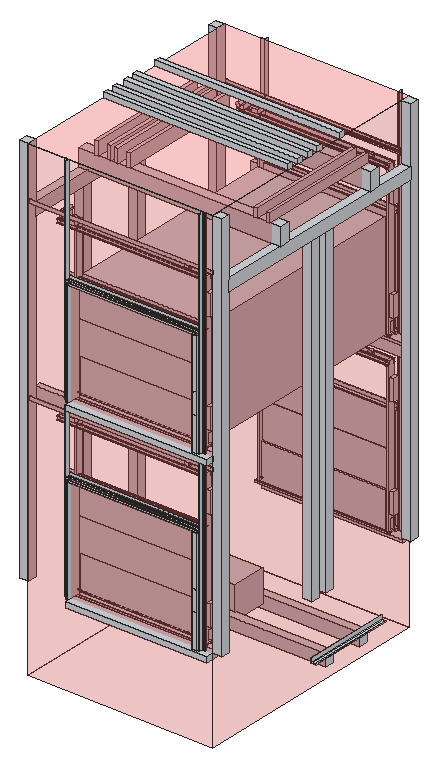
Revit family "SF6000-3U-2方向", category 一般モデル, Revit 2018
Family settings
  鉄筋をホスト可能 = いいえ
  丸型コネクタ寸法 = 直径を使用
  パーツ タイプ = 標準
  作業面ベース = いいえ
  常に垂直 = はい
  ロード時にボイドで切り取り = いいえ
  共有 = いいえ
  部屋計算ポイント = いいえ
Parameters
  昇降行程 = 5000 mm
Reference planes
  plane 1 "レール芯": y = 0
  plane 2 "最下階FL": z = 0
  plane 3 "かご芯": x = 0
  plane 4: z = 5000
  plane 5 "ピット底面": z = -2400
  plane 6: z = 11100
  plane 7: z = 3000
Forms (mm)
  Extrusion 1, solid
    sketch origin (-115, 130, 0) x (1, 0, 0) y (0, 1, 0)
      loop
        line (-2850, 3255) -> (-2850, -3710) -> (2370, -3710) -> (2370, 3255) -> (-2850, 3255)
    from -2400 to 11100
  Extrusion 2, solid
    sketch origin (-188.849, -192.656, 5000) x (1, 0, 0) y (0, 1, 0)
      loop
        line (-1606.151, 3287.656) -> (-1606.151, -2902.344) -> (1983.849, -2902.344) -> (1983.849, 3287.656) -> (-1606.151, 3287.656)
    from 0 to 3000
  Extrusion 3, solid
    sketch origin (-1419.116, 474.003, -69) x (1, 0, 0) y (0, 1, 0)
      loop
        line (-1125.884, 1163.497) -> (-1125.884, 188.497) -> (921.616, 188.497) -> (921.616, 1163.497) -> (-1125.884, 1163.497)
    from -1931 to -1020
  Extrusion 4, solid
    sketch origin (-80.164, -13.256, 0) x (1, 0, 0) y (0, 1, 0)
      loop
        line (2335.164, 388.256) -> (2335.164, 138.256) -> (2585.164, 138.256) -> (2585.164, 388.256) -> (2335.164, 388.256)
    from 0 to 9160
  Extrusion 5, solid
    sketch origin (-55.164, -413.256, 0) x (1, 0, 0) y (0, 1, 0)
      loop
        line (2310.164, 288.256) -> (2310.164, 38.256) -> (2560.164, 38.256) -> (2560.164, 288.256) -> (2310.164, 288.256)
    from 0 to 9160
  Extrusion 6, solid
    sketch origin (148.997, -46.31, 0) x (1, 0, 0) y (0, 1, 0)
      loop
        line (-3363.997, 581.31) -> (-3363.997, 331.31) -> (-3113.997, 331.31) -> (-3113.997, 581.31) -> (-3363.997, 581.31)
    from 0 to 9160
  Extrusion 7, solid
    sketch origin (-181.003, -1846.31, 0) x (1, 0, 0) y (0, 1, 0)
      loop
        line (-3033.997, 481.31) -> (-3033.997, 231.31) -> (-2783.997, 231.31) -> (-2783.997, 481.31) -> (-3033.997, 481.31)
    from 0 to 9160
  Extrusion 8, solid
    sketch origin (0, -154.792, -183.066) x (0, 1, 0) y (0, 0, 1)
      loop
        line (279.792, 11433.066) -> (279.792, 11283.066) -> (429.792, 11283.066) -> (429.792, 11433.066) -> (279.792, 11433.066)
    from -2965 to 2255
  Extrusion 9, solid
    sketch origin (0, -494.792, -183.066) x (0, 1, 0) y (0, 0, 1)
      loop
        line (279.792, 11433.066) -> (279.792, 11283.066) -> (429.792, 11283.066) -> (429.792, 11433.066) -> (279.792, 11433.066)
    from -2965 to 2255
  Extrusion 10, solid
    sketch origin (0, -859.792, -183.066) x (0, 1, 0) y (0, 0, 1)
      loop
        line (279.792, 11433.066) -> (279.792, 11283.066) -> (429.792, 11283.066) -> (429.792, 11433.066) -> (279.792, 11433.066)
    from -2965 to 2255
  Extrusion 11, solid
    sketch origin (0, 635.208, -183.066) x (0, 1, 0) y (0, 0, 1)
      loop
        line (279.792, 11433.066) -> (279.792, 11283.066) -> (429.792, 11283.066) -> (429.792, 11433.066) -> (279.792, 11433.066)
    from -2965 to 2255
  Extrusion 12, solid
    sketch origin (0, -2477.235, 116.596) x (0, 1, 0) y (0, 0, 1)
      loop
        line (-827.765, 4733.404) -> (-827.765, 4433.404) -> (-677.765, 4433.404) -> (-677.765, 4733.404) -> (-827.765, 4733.404)
    from -2965 to 2255
  Extrusion 13, solid
    sketch origin (122.648, -2563.415, 0) x (-1, 0, 0) y (0, -1, 0)
      loop
        line (-1827.352, 1006.585) -> (-1827.352, 1106.585) -> (-1830.352, 1106.585)
        arc (-1830.352, 1106.585) -> (-1835.302, 1104.535) -> (-1837.352, 1099.585) r 7
        line (-1837.352, 1099.585) -> (-1837.352, 1026.585)
        arc (-1837.352, 1026.585) -> (-1840.281, 1019.514) -> (-1847.352, 1016.585) r 10
        line (-1847.352, 1016.585) -> (-1920.352, 1016.585)
        arc (-1920.352, 1016.585) -> (-1925.302, 1014.535) -> (-1927.352, 1009.585) r 7
        line (-1927.352, 1009.585) -> (-1927.352, 1006.585) -> (-1827.352, 1006.585)
    from 0 to 4850
  Extrusion 14, solid
    sketch origin (77.352, -2563.415, 0) x (1, 0, 0) y (0, 1, 0)
      loop
        line (-2000.352, -1016.585) -> (-1927.352, -1016.585)
        arc (-1927.352, -1016.585) -> (-1920.281, -1019.514) -> (-1917.352, -1026.585) r 10
        line (-1917.352, -1026.585) -> (-1917.352, -1099.585)
        arc (-1917.352, -1099.585) -> (-1915.302, -1104.535) -> (-1910.352, -1106.585) r 7
        line (-1910.352, -1106.585) -> (-1907.352, -1106.585) -> (-1907.352, -1006.585) -> (-2007.352, -1006.585) -> (-2007.352, -1009.585)
        arc (-2007.352, -1009.585) -> (-2005.302, -1014.535) -> (-2000.352, -1016.585) r 7
    from 0 to 4850
  Extrusion 15, solid
    sketch origin (322.648, -2563.415, 5000) x (-1, 0, 0) y (0, -1, 0)
      loop
        line (-1627.352, 1006.585) -> (-1627.352, 1106.585) -> (-1630.352, 1106.585)
        arc (-1630.352, 1106.585) -> (-1635.302, 1104.535) -> (-1637.352, 1099.585) r 7
        line (-1637.352, 1099.585) -> (-1637.352, 1026.585)
        arc (-1637.352, 1026.585) -> (-1640.281, 1019.514) -> (-1647.352, 1016.585) r 10
        line (-1647.352, 1016.585) -> (-1720.352, 1016.585)
        arc (-1720.352, 1016.585) -> (-1725.302, 1014.535) -> (-1727.352, 1009.585) r 7
        line (-1727.352, 1009.585) -> (-1727.352, 1006.585) -> (-1627.352, 1006.585)
    from 0 to 6100
  Extrusion 16, solid
    sketch origin (77.352, -2563.415, 5000) x (1, 0, 0) y (0, 1, 0)
      loop
        line (-2007.352, -1006.585) -> (-2007.352, -1009.585)
        arc (-2007.352, -1009.585) -> (-2005.302, -1014.535) -> (-2000.352, -1016.585) r 7
        line (-2000.352, -1016.585) -> (-1927.352, -1016.585)
        arc (-1927.352, -1016.585) -> (-1920.281, -1019.514) -> (-1917.352, -1026.585) r 10
        line (-1917.352, -1026.585) -> (-1917.352, -1099.585)
        arc (-1917.352, -1099.585) -> (-1915.302, -1104.535) -> (-1910.352, -1106.585) r 7
        line (-1910.352, -1106.585) -> (-1907.352, -1106.585) -> (-1907.352, -1006.585) -> (-2007.352, -1006.585)
    from 0 to 6100
  Extrusion 17, solid
    sketch origin (90, -5742.272, 1335.614) x (0, 0, -1) y (0, 1, 0)
      loop
        arc (-1844.386, 2169.272) -> (-1842.335, 2164.322) -> (-1837.386, 2162.272) r 7
        line (-1837.386, 2162.272) -> (-1764.386, 2162.272)
        arc (-1764.386, 2162.272) -> (-1757.315, 2159.343) -> (-1754.386, 2152.272) r 10
        line (-1754.386, 2152.272) -> (-1754.386, 2079.272)
        arc (-1754.386, 2079.272) -> (-1752.335, 2074.322) -> (-1747.386, 2072.272) r 7
        line (-1747.386, 2072.272) -> (-1744.386, 2072.272) -> (-1744.386, 2172.272) -> (-1844.386, 2172.272) -> (-1844.386, 2169.272)
    from -1920 to 1860
  Extrusion 18, solid
    sketch origin (-181.003, 2778.69, 0) x (1, 0, 0) y (0, 1, 0)
      loop
        line (-3033.997, 581.31) -> (-3033.997, 331.31) -> (-2783.997, 331.31) -> (-2783.997, 581.31) -> (-3033.997, 581.31)
    from 0 to 11100
  Extrusion 19, solid
    sketch origin (494.836, 2971.744, 0) x (1, 0, 0) y (0, 1, 0)
      loop
        line (1760.164, 388.256) -> (1760.164, 138.256) -> (2010.164, 138.256) -> (2010.164, 388.256) -> (1760.164, 388.256)
    from 0 to 11100
  Extrusion 20, solid
    sketch origin (-181.003, -3786.31, 0) x (1, 0, 0) y (0, 1, 0)
      loop
        line (-3033.997, 481.31) -> (-3033.997, 231.31) -> (-2783.997, 231.31) -> (-2783.997, 481.31) -> (-3033.997, 481.31)
    from 0 to 11100
  Extrusion 21, solid
    sketch origin (494.836, -3593.256, 0) x (1, 0, 0) y (0, 1, 0)
      loop
        line (1760.164, 288.256) -> (1760.164, 38.256) -> (2010.164, 38.256) -> (2010.164, 288.256) -> (1760.164, 288.256)
    from 0 to 11100
  Extrusion 22, solid
    sketch origin (150, 2391.904, 119.994) x (0, 1, 0) y (0, 0, 1)
      loop
        line (-766.904, -1879.994) -> (-766.904, -2219.994) -> (-516.904, -2219.994) -> (-516.904, -1879.994) -> (-766.904, -1879.994)
    from -3265 to 2105
  Extrusion 23, solid
    sketch origin (150, 1191.904, 119.994) x (0, 1, 0) y (0, 0, 1)
      loop
        line (-766.904, -1879.994) -> (-766.904, -2219.994) -> (-516.904, -2219.994) -> (-516.904, -1879.994) -> (-766.904, -1879.994)
    from -3265 to 2105
  Extrusion 24, solid
    sketch origin (0, -1199.792, -183.066) x (0, 1, 0) y (0, 0, 1)
      loop
        line (279.792, 11433.066) -> (279.792, 11283.066) -> (429.792, 11283.066) -> (429.792, 11433.066) -> (279.792, 11433.066)
    from -2965 to 2255
  Extrusion 25, solid
    sketch origin (0, 946.791, -236.921) x (0, 1, 0) y (0, 0, 1)
      loop
        line (748.209, 10224.921) -> (748.209, 9736.921) -> (1048.209, 9736.921) -> (1048.209, 10224.921) -> (748.209, 10224.921)
    from -3215 to 2505
  Extrusion 26, solid
    sketch origin (0, -2278.209, -236.921) x (0, 1, 0) y (0, 0, 1)
      loop
        line (798.209, 10224.921) -> (798.209, 9736.921) -> (1098.209, 9736.921) -> (1098.209, 10224.921) -> (798.209, 10224.921)
    from -3215 to 2505
  Extrusion 27, solid
    sketch origin (582.993, 0, 645.444) x (1, 0, 0) y (0, 0, 1)
      loop
        line (1672.007, 8854.556) -> (1672.007, 8514.556) -> (1922.007, 8514.556) -> (1922.007, 8854.556) -> (1672.007, 8854.556)
    from -3110 to 3305
  Extrusion 28, solid
    sketch origin (-4887.007, 0, -304.556) x (1, 0, 0) y (0, 0, 1)
      loop
        line (1672.007, 9804.556) -> (1672.007, 9464.556) -> (1922.007, 9464.556) -> (1922.007, 9804.556) -> (1672.007, 9804.556)
    from -3110 to 3305
  Extrusion 29, solid
    sketch origin (90, -5897.272, 6835.614) x (0, 0, -1) y (0, 1, 0)
      loop
        arc (-1254.386, 2234.272) -> (-1252.335, 2229.322) -> (-1247.386, 2227.272) r 7
        line (-1247.386, 2227.272) -> (-1244.386, 2227.272) -> (-1244.386, 2327.272) -> (-1344.386, 2327.272) -> (-1344.386, 2324.272)
        arc (-1344.386, 2324.272) -> (-1342.335, 2319.322) -> (-1337.386, 2317.272) r 7
        line (-1337.386, 2317.272) -> (-1264.386, 2317.272)
        arc (-1264.386, 2317.272) -> (-1257.315, 2314.343) -> (-1254.386, 2307.272) r 10
        line (-1254.386, 2307.272) -> (-1254.386, 2234.272)
    from -1920 to 1860
  Extrusion 30, solid
    sketch origin (0, -1532.728, 6220.614) x (0, 0, -1) y (0, 1, 0)
      loop
        arc (-3389.386, -2017.272) -> (-3392.315, -2024.343) -> (-3399.386, -2027.272) r 10
        line (-3399.386, -2027.272) -> (-3472.386, -2027.272)
        arc (-3472.386, -2027.272) -> (-3477.335, -2029.322) -> (-3479.386, -2034.272) r 7
        line (-3479.386, -2034.272) -> (-3479.386, -2037.272) -> (-3379.386, -2037.272) -> (-3379.386, -1937.272) -> (-3382.386, -1937.272)
        arc (-3382.386, -1937.272) -> (-3387.335, -1939.322) -> (-3389.386, -1944.272) r 7
        line (-3389.386, -1944.272) -> (-3389.386, -2017.272)
    from -2965 to 2255
  Extrusion 31, solid
    sketch origin (-773.115, 2400, 115) x (1, 0, 0) y (0, 0, 1)
      loop
        arc (-2203.885, -1851) -> (-2207.4, -1859.485) -> (-2215.885, -1863) r 12
        line (-2215.885, -1863) -> (-2315.885, -1863)
        arc (-2315.885, -1863) -> (-2320.128, -1864.757) -> (-2321.885, -1869) r 6
        line (-2321.885, -1869) -> (-2321.885, -1875) -> (-2191.885, -1875) -> (-2191.885, -1745) -> (-2197.885, -1745)
        arc (-2197.885, -1745) -> (-2202.128, -1746.757) -> (-2203.885, -1751) r 6
        line (-2203.885, -1751) -> (-2203.885, -1851)
    from 0 to 2500
  Extrusion 32, solid
    sketch origin (63.115, 2400, 115) x (-1, 0, 0) y (0, 0, -1)
      loop
        arc (-2203.885, 1751) -> (-2202.128, 1746.757) -> (-2197.885, 1745) r 6
        line (-2197.885, 1745) -> (-2191.885, 1745) -> (-2191.885, 1875) -> (-2321.885, 1875) -> (-2321.885, 1869)
        arc (-2321.885, 1869) -> (-2320.128, 1864.757) -> (-2315.885, 1863) r 6
        line (-2315.885, 1863) -> (-2215.885, 1863)
        arc (-2215.885, 1863) -> (-2207.4, 1859.485) -> (-2203.885, 1851) r 12
        line (-2203.885, 1851) -> (-2203.885, 1751)
    from 0 to 2500
  Extrusion 33, solid
    sketch origin (-177.393, 0, -203.596) x (1, 0, 0) y (0, 0, 1)
      loop
        line (2277.393, 10441.596) -> (2277.393, 10191.596) -> (2377.393, 10191.596) -> (2377.393, 10441.596) -> (2277.393, 10441.596)
    from -1995 to 1480
  Extrusion 34, solid
    sketch origin (-507.393, 0, -203.596) x (1, 0, 0) y (0, 0, 1)
      loop
        line (2257.393, 10441.596) -> (2257.393, 10191.596) -> (2357.393, 10191.596) -> (2357.393, 10441.596) -> (2257.393, 10441.596)
    from -1995 to 1480
  Extrusion 35, solid
    sketch origin (-941.32, 0, -266.523) x (1, 0, 0) y (0, 0, 1)
      loop
        line (-1808.68, 10634.523) -> (-1808.68, 10254.523) -> (-1708.68, 10254.523) -> (-1708.68, 10634.523) -> (-1808.68, 10634.523)
    from -1995 to 1480
  Extrusion 36, solid
    sketch origin (-601.32, 0, -266.523) x (1, 0, 0) y (0, 0, 1)
      loop
        line (-1798.68, 10634.523) -> (-1798.68, 10254.523) -> (-1698.68, 10254.523) -> (-1698.68, 10634.523) -> (-1798.68, 10634.523)
    from -1995 to 1480
  Extrusion 37, solid
    sketch origin (-391.32, 0, -266.523) x (1, 0, 0) y (0, 0, 1)
      loop
        line (-1808.68, 10634.523) -> (-1808.68, 10254.523) -> (-1708.68, 10254.523) -> (-1708.68, 10634.523) -> (-1808.68, 10634.523)
    from -1995 to 1480
  Extrusion 38, solid
    sketch origin (-51.32, 0, -266.523) x (1, 0, 0) y (0, 0, 1)
      loop
        line (-1798.68, 10634.523) -> (-1798.68, 10254.523) -> (-1698.68, 10254.523) -> (-1698.68, 10634.523) -> (-1798.68, 10634.523)
    from -1995 to 1480
  Extrusion 39, solid
    sketch origin (0, 3982.765, 116.596) x (0, 1, 0) y (0, 0, 1)
      loop
        line (-827.765, 4733.404) -> (-827.765, 4433.404) -> (-677.765, 4433.404) -> (-677.765, 4733.404) -> (-827.765, 4733.404)
    from -2965 to 2255
  Extrusion 40, solid
    sketch origin (122.648, 2368.415, 0) x (-1, 0, 0) y (0, -1, 0)
      loop
        line (-1827.352, -1006.585) -> (-1927.352, -1006.585) -> (-1927.352, -1009.585)
        arc (-1927.352, -1009.585) -> (-1925.302, -1014.535) -> (-1920.352, -1016.585) r 7
        line (-1920.352, -1016.585) -> (-1847.352, -1016.585)
        arc (-1847.352, -1016.585) -> (-1840.281, -1019.514) -> (-1837.352, -1026.585) r 10
        line (-1837.352, -1026.585) -> (-1837.352, -1099.585)
        arc (-1837.352, -1099.585) -> (-1835.302, -1104.535) -> (-1830.352, -1106.585) r 7
        line (-1830.352, -1106.585) -> (-1827.352, -1106.585) -> (-1827.352, -1006.585)
    from 0 to 4850
  Extrusion 41, solid
    sketch origin (77.352, 2368.415, 0) x (1, 0, 0) y (0, 1, 0)
      loop
        arc (-2000.352, 1016.585) -> (-2005.302, 1014.535) -> (-2007.352, 1009.585) r 7
        line (-2007.352, 1009.585) -> (-2007.352, 1006.585) -> (-1907.352, 1006.585) -> (-1907.352, 1106.585) -> (-1910.352, 1106.585)
        arc (-1910.352, 1106.585) -> (-1915.302, 1104.535) -> (-1917.352, 1099.585) r 7
        line (-1917.352, 1099.585) -> (-1917.352, 1026.585)
        arc (-1917.352, 1026.585) -> (-1920.281, 1019.514) -> (-1927.352, 1016.585) r 10
        line (-1927.352, 1016.585) -> (-2000.352, 1016.585)
    from 0 to 4850
  Extrusion 42, solid
    sketch origin (322.648, 2368.415, 5000) x (-1, 0, 0) y (0, -1, 0)
      loop
        line (-1627.352, -1006.585) -> (-1727.352, -1006.585) -> (-1727.352, -1009.585)
        arc (-1727.352, -1009.585) -> (-1725.302, -1014.535) -> (-1720.352, -1016.585) r 7
        line (-1720.352, -1016.585) -> (-1647.352, -1016.585)
        arc (-1647.352, -1016.585) -> (-1640.281, -1019.514) -> (-1637.352, -1026.585) r 10
        line (-1637.352, -1026.585) -> (-1637.352, -1099.585)
        arc (-1637.352, -1099.585) -> (-1635.302, -1104.535) -> (-1630.352, -1106.585) r 7
        line (-1630.352, -1106.585) -> (-1627.352, -1106.585) -> (-1627.352, -1006.585)
    from 0 to 6100
  Extrusion 43, solid
    sketch origin (77.352, 2368.415, 5000) x (1, 0, 0) y (0, 1, 0)
      loop
        line (-2007.352, 1006.585) -> (-1907.352, 1006.585) -> (-1907.352, 1106.585) -> (-1910.352, 1106.585)
        arc (-1910.352, 1106.585) -> (-1915.302, 1104.535) -> (-1917.352, 1099.585) r 7
        line (-1917.352, 1099.585) -> (-1917.352, 1026.585)
        arc (-1917.352, 1026.585) -> (-1920.281, 1019.514) -> (-1927.352, 1016.585) r 10
        line (-1927.352, 1016.585) -> (-2000.352, 1016.585)
        arc (-2000.352, 1016.585) -> (-2005.302, 1014.535) -> (-2007.352, 1009.585) r 7
        line (-2007.352, 1009.585) -> (-2007.352, 1006.585)
    from 0 to 6100
  Extrusion 44, solid
    sketch origin (90, 5547.272, 1335.614) x (0, 0, -1) y (0, 1, 0)
      loop
        line (-1844.386, -2169.272) -> (-1844.386, -2172.272) -> (-1744.386, -2172.272) -> (-1744.386, -2072.272) -> (-1747.386, -2072.272)
        arc (-1747.386, -2072.272) -> (-1752.335, -2074.322) -> (-1754.386, -2079.272) r 7
        line (-1754.386, -2079.272) -> (-1754.386, -2152.272)
        arc (-1754.386, -2152.272) -> (-1757.315, -2159.343) -> (-1764.386, -2162.272) r 10
        line (-1764.386, -2162.272) -> (-1837.386, -2162.272)
        arc (-1837.386, -2162.272) -> (-1842.335, -2164.322) -> (-1844.386, -2169.272) r 7
    from -1920 to 1860
  Extrusion 45, solid
    sketch origin (90, 5702.272, 6835.614) x (0, 0, -1) y (0, 1, 0)
      loop
        line (-1254.386, -2234.272) -> (-1254.386, -2307.272)
        arc (-1254.386, -2307.272) -> (-1257.315, -2314.343) -> (-1264.386, -2317.272) r 10
        line (-1264.386, -2317.272) -> (-1337.386, -2317.272)
        arc (-1337.386, -2317.272) -> (-1342.335, -2319.322) -> (-1344.386, -2324.272) r 7
        line (-1344.386, -2324.272) -> (-1344.386, -2327.272) -> (-1244.386, -2327.272) -> (-1244.386, -2227.272) -> (-1247.386, -2227.272)
        arc (-1247.386, -2227.272) -> (-1252.335, -2229.322) -> (-1254.386, -2234.272) r 7
    from -1920 to 1860
  Extrusion 46, solid
    sketch origin (0, 1337.728, 6220.614) x (0, 0, -1) y (0, 1, 0)
      loop
        line (-3389.386, 2017.272) -> (-3389.386, 1944.272)
        arc (-3389.386, 1944.272) -> (-3387.335, 1939.322) -> (-3382.386, 1937.272) r 7
        line (-3382.386, 1937.272) -> (-3379.386, 1937.272) -> (-3379.386, 2037.272) -> (-3479.386, 2037.272) -> (-3479.386, 2034.272)
        arc (-3479.386, 2034.272) -> (-3477.335, 2029.322) -> (-3472.386, 2027.272) r 7
        line (-3472.386, 2027.272) -> (-3399.386, 2027.272)
        arc (-3399.386, 2027.272) -> (-3392.315, 2024.343) -> (-3389.386, 2017.272) r 10
    from -2965 to 2255
  Extrusion 47, solid
    sketch origin (0, -110, 1520) x (0, 1, 0) y (0, 0, 1)
      loop
        arc (-3440, 3090) -> (-3447.071, 3092.929) -> (-3450, 3100) r 10
        line (-3450, 3100) -> (-3450, 3173)
        arc (-3450, 3173) -> (-3452.05, 3177.95) -> (-3457, 3180) r 7
        line (-3457, 3180) -> (-3460, 3180) -> (-3460, 3080) -> (-3360, 3080) -> (-3360, 3083)
        arc (-3360, 3083) -> (-3362.05, 3087.95) -> (-3367, 3090) r 7
        line (-3367, 3090) -> (-3440, 3090)
    from -2965 to 2255
  Extrusion 48, solid
    sketch origin (0, 200, 1520) x (0, 1, 0) y (0, 0, 1)
      loop
        arc (3082, 3090) -> (3077.05, 3087.95) -> (3075, 3083) r 7
        line (3075, 3083) -> (3075, 3080) -> (3175, 3080) -> (3175, 3180) -> (3172, 3180)
        arc (3172, 3180) -> (3167.05, 3177.95) -> (3165, 3173) r 7
        line (3165, 3173) -> (3165, 3100)
        arc (3165, 3100) -> (3162.071, 3092.929) -> (3155, 3090) r 10
        line (3155, 3090) -> (3082, 3090)
    from -2965 to 2255
Dimensions and locks
  "昇降行程": plane 4 to plane 2 "最下階FL"
  plane 6 to plane 4 = 6100 mm
  locked: Extrusion 2 to plane 4 at 3000
  locked: plane 4 to Extrusion 13 at 150
  locked: Extrusion 27 to plane 4 at 4160
  locked: plane 4 to Extrusion 40 at 150
  aligned and locked: level to plane 2 "最下階FL"
  aligned and locked: Extrusion 1 to plane 5 "ピット底面"
  aligned and locked: Extrusion 2 to plane 4
  aligned and locked: Extrusion 5 to plane 2 "最下階FL"
  aligned and locked: Extrusion 4 to plane 2 "最下階FL"
  aligned and locked: Extrusion 7 to Extrusion 1
  aligned and locked: Extrusion 4 to Extrusion 1
  aligned and locked: Extrusion 5 to Extrusion 1
  aligned and locked: Extrusion 7 to plane 2 "最下階FL"
  aligned and locked: Extrusion 8 to Extrusion 1
  aligned and locked: Extrusion 1 to Extrusion 8  (x2)
  aligned and locked: Extrusion 1 to Extrusion 10  (x2)
  aligned and locked: Extrusion 1 to Extrusion 11  (x2)
  aligned and locked: Extrusion 10 to Extrusion 1
  aligned and locked: Extrusion 9 to Extrusion 1
  aligned and locked: Extrusion 11 to Extrusion 1
  aligned and locked: Extrusion 1 to Extrusion 12  (x2)
  aligned and locked: Extrusion 1 to Extrusion 9  (x2)
  aligned and locked: Extrusion 15 to Extrusion 16
  aligned and locked: Extrusion 16 to plane 4
  aligned and locked: Extrusion 15 to plane 4
  aligned and locked: Extrusion 1 to plane 6
  aligned and locked: plane 6 to Extrusion 15
  aligned and locked: plane 6 to Extrusion 16
  aligned and locked: Extrusion 14 to Extrusion 13
  aligned and locked: Extrusion 1 to Extrusion 19
  aligned and locked: Extrusion 1 to Extrusion 21
  aligned and locked: Extrusion 1 to Extrusion 18
  aligned and locked: Extrusion 1 to Extrusion 20
  aligned and locked: Extrusion 4 to Extrusion 27
  aligned and locked: Extrusion 5 to Extrusion 27
  aligned and locked: Extrusion 7 to Extrusion 27
  aligned and locked: Extrusion 6 to Extrusion 4
  aligned and locked: Extrusion 1 to Extrusion 24  (x2)
  aligned and locked: plane 4 to nested 2
  aligned and locked: plane 4 to nested 4
  aligned and locked: Extrusion 42 to Extrusion 43
  aligned and locked: Extrusion 41 to Extrusion 40
  aligned and locked: Extrusion 42 to plane 4
  aligned and locked: Extrusion 43 to plane 4
  aligned and locked: plane 6 to Extrusion 42
Automatic sketch dimensions
  Extrusion 1 sketch curve to plane 3 "かご芯" = 2965 mm
  plane 3 "かご芯" to Extrusion 1 sketch curve = 2255 mm
  plane 1 "レール芯" to Extrusion 1 sketch curve = 3580 mm
  Extrusion 1 sketch curve to plane 1 "レール芯" = 3385 mm
  Extrusion 2 sketch curve to plane 3 "かご芯" = 1795 mm
  plane 3 "かご芯" to Extrusion 2 sketch curve = 1795 mm
  plane 1 "レール芯" to Extrusion 2 sketch curve = 3095 mm
  Extrusion 2 sketch curve to plane 1 "レール芯" = 3095 mm
  Extrusion 3 sketch curve to plane 1 "レール芯" = 662.5 mm
  Extrusion 3 sketch curve to plane 3 "かご芯" = 2545 mm
  Extrusion 3 sketch curve to plane 3 "かご芯" = 497.5 mm
  Extrusion 3 sketch curve to Extrusion 3 sketch curve = 975 mm
  Extrusion 4 sketch curve to plane 1 "レール芯" = 125 mm
  plane 3 "かご芯" to Extrusion 4 sketch curve = 2255 mm
  Extrusion 4 sketch curve to Extrusion 4 sketch curve = 250 mm  (x2)
  plane 1 "レール芯" to Extrusion 5 sketch curve = 375 mm
  plane 3 "かご芯" to Extrusion 5 sketch curve = 2255 mm
  Extrusion 5 sketch curve to Extrusion 5 sketch curve = 250 mm
  plane 1 "レール芯" to Extrusion 5 sketch curve = 125 mm
  Extrusion 6 sketch curve to plane 1 "レール芯" = 285 mm
  Extrusion 6 sketch curve to plane 3 "かご芯" = 3215 mm
  Extrusion 6 sketch curve to Extrusion 6 sketch curve = 250 mm  (x2)
  Extrusion 7 sketch curve to plane 3 "かご芯" = 3215 mm
  Extrusion 7 sketch curve to Extrusion 7 sketch curve = 250 mm  (x2)
  plane 1 "レール芯" to Extrusion 7 sketch curve = 1615 mm
  Extrusion 8 sketch curve to plane 6 = 0 mm
  Extrusion 8 sketch curve to plane 1 "レール芯" = 125 mm
  Extrusion 8 sketch curve to Extrusion 8 sketch curve = 150 mm  (x2)
  Extrusion 9 sketch curve to plane 6 = 0 mm
  plane 1 "レール芯" to Extrusion 9 sketch curve = 215 mm
  plane 1 "レール芯" to Extrusion 9 sketch curve = 65 mm
  Extrusion 9 sketch curve to Extrusion 9 sketch curve = 150 mm
  Extrusion 10 sketch curve to plane 6 = 0 mm
  plane 1 "レール芯" to Extrusion 10 sketch curve = 580 mm
  Extrusion 10 sketch curve to Extrusion 10 sketch curve = 150 mm
  plane 6 to Extrusion 10 sketch curve = 150 mm
  Extrusion 11 sketch curve to plane 6 = 0 mm
  Extrusion 11 sketch curve to plane 1 "レール芯" = 915 mm
  Extrusion 11 sketch curve to Extrusion 11 sketch curve = 150 mm
  plane 6 to Extrusion 11 sketch curve = 150 mm
  Extrusion 12 sketch curve to plane 4 = 450 mm
  plane 1 "レール芯" to Extrusion 12 sketch curve = 3305 mm
  Extrusion 12 sketch curve to Extrusion 12 sketch curve = 150 mm
  Extrusion 12 sketch curve to plane 4 = 150 mm
  Extrusion 13 sketch curve to plane 3 "かご芯" = 2050 mm
  Extrusion 13 sketch curve to Extrusion 13 sketch curve = 7 mm  (x2)
  Extrusion 13 sketch curve to Extrusion 13 sketch curve = 73 mm  (x2)
  Extrusion 13 sketch curve to Extrusion 13 sketch curve = 10 mm
  Extrusion 13 sketch curve to Extrusion 13 sketch curve = 3 mm
  Extrusion 13 sketch curve to plane 1 "レール芯" = 3670 mm
  Extrusion 13 sketch curve to Extrusion 13 sketch curve = 20 mm
  Extrusion 14 sketch curve to plane 3 "かご芯" = 1930 mm
  Extrusion 14 sketch curve to Extrusion 14 sketch curve = 7 mm  (x2)
  Extrusion 14 sketch curve to Extrusion 14 sketch curve = 73 mm  (x2)
  Extrusion 14 sketch curve to Extrusion 14 sketch curve = 10 mm
  Extrusion 14 sketch curve to Extrusion 14 sketch curve = 3 mm  (x2)
  plane 1 "レール芯" to Extrusion 14 sketch curve = 3670 mm
  Extrusion 15 sketch curve to plane 3 "かご芯" = 2050 mm
  Extrusion 15 sketch curve to Extrusion 15 sketch curve = 7 mm  (x2)
  Extrusion 15 sketch curve to Extrusion 15 sketch curve = 73 mm  (x2)
  Extrusion 15 sketch curve to Extrusion 15 sketch curve = 10 mm
  Extrusion 15 sketch curve to Extrusion 15 sketch curve = 3 mm
  Extrusion 15 sketch curve to plane 1 "レール芯" = 3670 mm
  Extrusion 15 sketch curve to Extrusion 15 sketch curve = 20 mm
  Extrusion 16 sketch curve to plane 3 "かご芯" = 1930 mm
  Extrusion 16 sketch curve to Extrusion 16 sketch curve = 7 mm  (x2)
  Extrusion 16 sketch curve to Extrusion 16 sketch curve = 73 mm  (x2)
  Extrusion 16 sketch curve to Extrusion 16 sketch curve = 10 mm  (x2)
  Extrusion 16 sketch curve to Extrusion 16 sketch curve = 20 mm
  plane 1 "レール芯" to Extrusion 16 sketch curve = 3670 mm
  Extrusion 17 sketch curve to plane 7 = 180 mm
  Extrusion 17 sketch curve to Extrusion 17 sketch curve = 7 mm  (x2)
  Extrusion 17 sketch curve to Extrusion 17 sketch curve = 73 mm  (x2)
  Extrusion 17 sketch curve to Extrusion 17 sketch curve = 10 mm  (x2)
  plane 1 "レール芯" to Extrusion 17 sketch curve = 3670 mm
  Extrusion 17 sketch curve to Extrusion 17 sketch curve = 3 mm
  Extrusion 18 sketch curve to plane 3 "かご芯" = 3215 mm
  Extrusion 18 sketch curve to Extrusion 18 sketch curve = 250 mm  (x2)
  Extrusion 18 sketch curve to plane 1 "レール芯" = 3110 mm
  plane 3 "かご芯" to Extrusion 19 sketch curve = 2255 mm
  Extrusion 19 sketch curve to Extrusion 19 sketch curve = 250 mm  (x2)
  Extrusion 19 sketch curve to plane 1 "レール芯" = 3110 mm
  Extrusion 20 sketch curve to plane 3 "かご芯" = 3215 mm
  Extrusion 20 sketch curve to Extrusion 20 sketch curve = 250 mm  (x2)
  plane 1 "レール芯" to Extrusion 20 sketch curve = 3555 mm
  plane 3 "かご芯" to Extrusion 21 sketch curve = 2255 mm
  Extrusion 21 sketch curve to Extrusion 21 sketch curve = 250 mm  (x2)
  plane 1 "レール芯" to Extrusion 21 sketch curve = 3555 mm
  plane 5 "ピット底面" to Extrusion 22 sketch curve = 300 mm
  Extrusion 22 sketch curve to plane 1 "レール芯" = 1625 mm
  Extrusion 22 sketch curve to Extrusion 22 sketch curve = 250 mm
  Extrusion 22 sketch curve to Extrusion 22 sketch curve = 340 mm
  Extrusion 23 sketch curve to plane 1 "レール芯" = 425 mm
  Extrusion 23 sketch curve to Extrusion 23 sketch curve = 250 mm
  plane 5 "ピット底面" to Extrusion 23 sketch curve = 300 mm
  Extrusion 23 sketch curve to Extrusion 23 sketch curve = 340 mm
  Extrusion 24 sketch curve to plane 6 = 0 mm
  plane 1 "レール芯" to Extrusion 24 sketch curve = 920 mm
  Extrusion 24 sketch curve to Extrusion 24 sketch curve = 150 mm
  plane 6 to Extrusion 24 sketch curve = 150 mm
  Extrusion 25 sketch curve to plane 1 "レール芯" = 1695 mm
  Extrusion 25 sketch curve to Extrusion 25 sketch curve = 300 mm
  Extrusion 25 sketch curve to plane 6 = 1600 mm
  Extrusion 25 sketch curve to Extrusion 25 sketch curve = 488 mm
  plane 1 "レール芯" to Extrusion 26 sketch curve = 1480 mm
  Extrusion 26 sketch curve to Extrusion 26 sketch curve = 300 mm
  Extrusion 26 sketch curve to plane 6 = 1600 mm
  Extrusion 26 sketch curve to Extrusion 26 sketch curve = 488 mm
  plane 3 "かご芯" to Extrusion 27 sketch curve = 2255 mm
  Extrusion 27 sketch curve to Extrusion 27 sketch curve = 250 mm
  Extrusion 27 sketch curve to plane 6 = 1940 mm
  Extrusion 27 sketch curve to Extrusion 27 sketch curve = 340 mm
  Extrusion 28 sketch curve to plane 3 "かご芯" = 3215 mm
  Extrusion 28 sketch curve to Extrusion 28 sketch curve = 250 mm
  Extrusion 28 sketch curve to plane 6 = 1940 mm
  Extrusion 28 sketch curve to Extrusion 28 sketch curve = 340 mm
  Extrusion 29 sketch curve to plane 6 = 2920 mm
  Extrusion 29 sketch curve to Extrusion 29 sketch curve = 7 mm  (x2)
  Extrusion 29 sketch curve to Extrusion 29 sketch curve = 73 mm  (x2)
  Extrusion 29 sketch curve to Extrusion 29 sketch curve = 10 mm
  Extrusion 29 sketch curve to Extrusion 29 sketch curve = 3 mm  (x2)
  plane 1 "レール芯" to Extrusion 29 sketch curve = 3670 mm
  plane 6 to Extrusion 30 sketch curve = 1400 mm
  Extrusion 30 sketch curve to Extrusion 30 sketch curve = 7 mm  (x2)
  Extrusion 30 sketch curve to Extrusion 30 sketch curve = 73 mm  (x2)
  Extrusion 30 sketch curve to Extrusion 30 sketch curve = 10 mm
  Extrusion 30 sketch curve to Extrusion 30 sketch curve = 3 mm
  Extrusion 30 sketch curve to plane 1 "レール芯" = 3470 mm
  Extrusion 30 sketch curve to Extrusion 30 sketch curve = 20 mm
  plane 5 "ピット底面" to Extrusion 31 sketch curve = 640 mm
  Extrusion 31 sketch curve to plane 3 "かご芯" = 3095 mm
  Extrusion 31 sketch curve to Extrusion 31 sketch curve = 6 mm  (x4)
  Extrusion 31 sketch curve to Extrusion 31 sketch curve = 100 mm  (x2)
  Extrusion 31 sketch curve to Extrusion 31 sketch curve = 12 mm
  plane 5 "ピット底面" to Extrusion 32 sketch curve = 646 mm
  plane 3 "かご芯" to Extrusion 32 sketch curve = 2385 mm
  Extrusion 32 sketch curve to Extrusion 32 sketch curve = 6 mm  (x4)
  Extrusion 32 sketch curve to Extrusion 32 sketch curve = 100 mm  (x2)
  Extrusion 32 sketch curve to Extrusion 32 sketch curve = 12 mm
  plane 3 "かご芯" to Extrusion 33 sketch curve = 2100 mm
  Extrusion 33 sketch curve to Extrusion 33 sketch curve = 100 mm
  Extrusion 33 sketch curve to plane 6 = 1112 mm
  Extrusion 33 sketch curve to Extrusion 33 sketch curve = 250 mm
  plane 3 "かご芯" to Extrusion 34 sketch curve = 1750 mm
  Extrusion 34 sketch curve to Extrusion 34 sketch curve = 100 mm
  Extrusion 34 sketch curve to plane 6 = 1112 mm
  Extrusion 34 sketch curve to Extrusion 34 sketch curve = 250 mm
  Extrusion 35 sketch curve to plane 6 = 1112 mm
  Extrusion 35 sketch curve to plane 3 "かご芯" = 2750 mm
  Extrusion 35 sketch curve to Extrusion 35 sketch curve = 100 mm
  Extrusion 35 sketch curve to Extrusion 35 sketch curve = 380 mm
  Extrusion 36 sketch curve to plane 6 = 1112 mm
  Extrusion 36 sketch curve to plane 3 "かご芯" = 2400 mm
  Extrusion 36 sketch curve to Extrusion 36 sketch curve = 100 mm
  Extrusion 36 sketch curve to Extrusion 36 sketch curve = 380 mm
  Extrusion 37 sketch curve to plane 3 "かご芯" = 2200 mm
  Extrusion 37 sketch curve to Extrusion 37 sketch curve = 100 mm
  Extrusion 37 sketch curve to plane 6 = 1112 mm
  Extrusion 37 sketch curve to Extrusion 37 sketch curve = 380 mm
  Extrusion 38 sketch curve to plane 3 "かご芯" = 1850 mm
  Extrusion 38 sketch curve to Extrusion 38 sketch curve = 100 mm
  Extrusion 38 sketch curve to plane 6 = 1112 mm
  Extrusion 38 sketch curve to Extrusion 38 sketch curve = 380 mm
  Extrusion 39 sketch curve to plane 4 = 450 mm
  Extrusion 39 sketch curve to plane 1 "レール芯" = 3155 mm
  Extrusion 39 sketch curve to Extrusion 39 sketch curve = 150 mm
  Extrusion 39 sketch curve to plane 4 = 150 mm
  plane 3 "かご芯" to Extrusion 40 sketch curve = 2050 mm
  Extrusion 40 sketch curve to Extrusion 40 sketch curve = 7 mm  (x2)
  Extrusion 40 sketch curve to Extrusion 40 sketch curve = 73 mm  (x2)
  Extrusion 40 sketch curve to Extrusion 40 sketch curve = 10 mm
  Extrusion 40 sketch curve to Extrusion 40 sketch curve = 3 mm
  Extrusion 40 sketch curve to plane 1 "レール芯" = 3475 mm
  Extrusion 40 sketch curve to Extrusion 40 sketch curve = 20 mm
  Extrusion 41 sketch curve to plane 3 "かご芯" = 1930 mm
  Extrusion 41 sketch curve to Extrusion 41 sketch curve = 7 mm  (x2)
  Extrusion 41 sketch curve to Extrusion 41 sketch curve = 73 mm  (x2)
  Extrusion 41 sketch curve to Extrusion 41 sketch curve = 10 mm
  Extrusion 41 sketch curve to Extrusion 41 sketch curve = 3 mm  (x2)
  Extrusion 41 sketch curve to plane 1 "レール芯" = 3375 mm
  plane 3 "かご芯" to Extrusion 42 sketch curve = 2050 mm
  Extrusion 42 sketch curve to Extrusion 42 sketch curve = 7 mm  (x2)
  Extrusion 42 sketch curve to Extrusion 42 sketch curve = 73 mm  (x2)
  Extrusion 42 sketch curve to Extrusion 42 sketch curve = 10 mm
  Extrusion 42 sketch curve to Extrusion 42 sketch curve = 3 mm
  Extrusion 42 sketch curve to plane 1 "レール芯" = 3475 mm
  Extrusion 42 sketch curve to Extrusion 42 sketch curve = 20 mm
  Extrusion 43 sketch curve to plane 3 "かご芯" = 1930 mm
  Extrusion 43 sketch curve to Extrusion 43 sketch curve = 7 mm  (x2)
  Extrusion 43 sketch curve to Extrusion 43 sketch curve = 73 mm  (x2)
  Extrusion 43 sketch curve to Extrusion 43 sketch curve = 10 mm
  Extrusion 43 sketch curve to Extrusion 43 sketch curve = 20 mm
  Extrusion 43 sketch curve to plane 1 "レール芯" = 3375 mm
  Extrusion 43 sketch curve to Extrusion 43 sketch curve = 3 mm
  Extrusion 44 sketch curve to plane 7 = 180 mm
  Extrusion 44 sketch curve to Extrusion 44 sketch curve = 7 mm  (x2)
  Extrusion 44 sketch curve to Extrusion 44 sketch curve = 73 mm  (x2)
  Extrusion 44 sketch curve to Extrusion 44 sketch curve = 10 mm  (x2)
  Extrusion 44 sketch curve to plane 1 "レール芯" = 3375 mm
  Extrusion 44 sketch curve to Extrusion 44 sketch curve = 3 mm
  Extrusion 45 sketch curve to plane 6 = 2920 mm
  Extrusion 45 sketch curve to Extrusion 45 sketch curve = 7 mm  (x2)
  Extrusion 45 sketch curve to Extrusion 45 sketch curve = 73 mm  (x2)
  Extrusion 45 sketch curve to Extrusion 45 sketch curve = 10 mm
  Extrusion 45 sketch curve to Extrusion 45 sketch curve = 3 mm  (x2)
  Extrusion 45 sketch curve to plane 1 "レール芯" = 3375 mm
  Extrusion 46 sketch curve to plane 6 = 1400 mm
  Extrusion 46 sketch curve to Extrusion 46 sketch curve = 7 mm  (x2)
  Extrusion 46 sketch curve to Extrusion 46 sketch curve = 73 mm  (x2)
  Extrusion 46 sketch curve to Extrusion 46 sketch curve = 10 mm  (x2)
  Extrusion 46 sketch curve to Extrusion 46 sketch curve = 3 mm
  Extrusion 46 sketch curve to plane 1 "レール芯" = 3275 mm
  Extrusion 47 sketch curve to Extrusion 47 sketch curve = 3 mm  (x2)
  Extrusion 47 sketch curve to Extrusion 47 sketch curve = 7 mm  (x2)
  Extrusion 47 sketch curve to Extrusion 47 sketch curve = 10 mm
  Extrusion 47 sketch curve to Extrusion 47 sketch curve = 73 mm  (x2)
  Extrusion 47 sketch curve to plane 7 = 1600 mm
  plane 1 "レール芯" to Extrusion 47 sketch curve = 3570 mm
  Extrusion 48 sketch curve to plane 7 = 1600 mm
  Extrusion 48 sketch curve to plane 1 "レール芯" = 3275 mm
  Extrusion 48 sketch curve to Extrusion 48 sketch curve = 7 mm  (x2)
  Extrusion 48 sketch curve to Extrusion 48 sketch curve = 73 mm  (x2)
  Extrusion 48 sketch curve to Extrusion 48 sketch curve = 10 mm  (x2)
  Extrusion 48 sketch curve to Extrusion 48 sketch curve = 3 mm
Nested families
  nested 1: "3U" at (0, -3125, 0), type "3U"
    with 戸袋 1320 mm, 壁外～敷居先端 555 mm, 出入口高さ 3000 mm, 出入口幅 3500 mm
  nested 2: "3U" at (0, -3125, 5000), type "3U"
    with 戸袋 1320 mm, 壁外～敷居先端 555 mm, 出入口高さ 3000 mm, 出入口幅 3500 mm
  nested 3: "3U" at (0, 3125, 0), type "3U 背面"
    with 戸袋 1320 mm, 壁外～敷居先端 360 mm, 出入口高さ 3000 mm, 出入口幅 3500 mm
  nested 4: "3U" at (0, 3125, 5000), type "3U 背面"
    with 戸袋 1320 mm, 壁外～敷居先端 360 mm, 出入口高さ 3000 mm, 出入口幅 3500 mm
Definition of nested family "3U"
  Parameters (values of type "3U")
    戸袋 = 1120 mm
    壁外～敷居先端 = 480 mm
    出入口高さ = 2400 mm
    出入口幅 = 2500 mm
  Reference planes
    plane 1 "敷居先端": y = 0
    plane 2: z = 0
    plane 3 "中心(左/右)": x = 0
    plane 4: x = 1250
    plane 5: x = -1250
    plane 6: z = 2400
    plane 7: z = 800
    plane 8 "出入口高さ": z = 3520
    plane 9: z = 3500
    plane 10: x = 789
    plane 11: z = 3530
    plane 12: x = -1406
    plane 13: z = 3622.5
    plane 14: x = -1850
    plane 15: x = -1755
    plane 16: z = 3680
    plane 17: z = 2470
    plane 18: y = -480
    plane 19: x = -1330
    plane 20: x = 1450
    plane 21: z = 2480
    plane 22: z = 1600
    plane 23: x = -1387
  Forms (mm)
    Extrusion 1, solid
      sketch origin (0, 0, 0) x (1, 0, 0) y (0, 1, 0)
        loop
          line (-1270, -45) -> (-1270, -87) -> (1270, -87) -> (1270, -45) -> (-1270, -45)
      from 0 to 830
    Extrusion 2, solid
      sketch origin (0, 0, 0) x (1, 0, 0) y (0, 1, 0)
        loop
          line (-1270, -95) -> (-1270, -137) -> (1270, -137) -> (1270, -95) -> (-1270, -95)
      from 800 to 1630
    Extrusion 3, solid
      sketch origin (0, 0, 0) x (1, 0, 0) y (0, 1, 0)
        loop
          line (-1300, -195) -> (-1300, -196.6) -> (-1251.6, -196.6) -> (-1251.6, -488.4) -> (-1278.4, -488.4) -> (-1278.4, -460) -> (-1280, -460) -> (-1280, -490) -> (-1250, -490) -> (-1250, -195) -> (-1300, -195)
      from 0 to 2400
    Extrusion 4, solid
      sketch origin (0, 0, 0) x (1, 0, 0) y (0, 1, 0)
        loop
          line (1300, -195) -> (1250, -195) -> (1250, -490) -> (1400, -490) -> (1400, -460) -> (1398.4, -460) -> (1398.4, -488.4) -> (1251.6, -488.4) -> (1251.6, -196.6) -> (1300, -196.6) -> (1300, -195)
      from 0 to 2400
    Extrusion 5, solid
      sketch origin (0, 0, -10) x (0, 1, 0) y (0, 0, 1)
        loop
          line (-30, 10) -> (-580, 10) -> (-580, -140) -> (-30, -140) -> (-30, 10)
      from -1750 to 1750
    Extrusion 6, void
      sketch origin (0, 0, 0) x (0, 1, 0) y (0, 0, 1)
        loop
          line (-310, 0) -> (-310, -60) -> (-30, -60) -> (-30, 0) -> (-310, 0)
      from -1750 to 1750
    Extrusion 7, solid
      sketch origin (0, 0, 0) x (0, 1, 0) y (0, 0, 1)
        loop
          line (-230, 0) -> (-230, -4.5) -> (0, -4.5) -> (0, 0) -> (-230, 0)
      from -1412 to 1412
    Extrusion 8, solid
      sketch origin (0, -75, 0) x (0, 1, 0) y (0, 0, 1)
        loop
          arc (-150, -14) -> (-148.682, -10.818) -> (-145.5, -9.5) r 4.5
          line (-145.5, -9.5) -> (-118, -9.5)
          arc (-118, -9.5) -> (-115.879, -8.621) -> (-115, -6.5) r 3
          line (-115, -6.5) -> (-115, -4.5) -> (-155, -4.5) -> (-155, -44.5) -> (-153, -44.5)
          arc (-153, -44.5) -> (-150.879, -43.621) -> (-150, -41.5) r 3
          line (-150, -41.5) -> (-150, -14)
      from -1412 to 1412
    Extrusion 9, solid
      sketch origin (0, 0, 0) x (0, 1, 0) y (0, 0, 1)
        loop
          line (-10, -14) -> (-10, -41.5)
          arc (-10, -41.5) -> (-9.121, -43.621) -> (-7, -44.5) r 3
          line (-7, -44.5) -> (-5, -44.5) -> (-5, -4.5) -> (-45, -4.5) -> (-45, -6.5)
          arc (-45, -6.5) -> (-44.121, -8.621) -> (-42, -9.5) r 3
          line (-42, -9.5) -> (-14.5, -9.5)
          arc (-14.5, -9.5) -> (-11.318, -10.818) -> (-10, -14) r 4.5
      from -1412 to 1412
    Extrusion 10, solid
      sketch origin (0, 0, 0) x (0, 1, 0) y (0, 0, 1)
        loop
          line (-40.028, 3420) -> (0, 3420) -> (0, 3424.5) -> (-35.5, 3424.5) -> (-35.5, 3515.5) -> (0, 3515.5) -> (0, 3520) -> (-40.028, 3520) -> (-40.028, 3420)
      from -1850 to 1362
    Extrusion 11, solid
      sketch origin (0, 0, 0) x (0, 1, 0) y (0, 0, 1)
        loop
          line (-225.055, 3526) -> (-225.055, 3520) -> (74.9, 3520) -> (74.9, 3526) -> (-225.055, 3526)
      from -1850 to -1660
    Extrusion 12, solid
      sketch origin (0, 0, 0) x (0, 1, 0) y (0, 0, 1)
        loop
          line (-460, 2430) -> (-490, 2430) -> (-490, 2400) -> (-195, 2400) -> (-195, 2401.6) -> (-488.4, 2401.6) -> (-488.4, 2428.4) -> (-460, 2428.4) -> (-460, 2430)
      from -1280 to 1400
    Extrusion 13, solid
      sketch origin (-22.601, -148.434, 0) x (1, 0, 0) y (0, 1, 0)
        loop
          line (1312.601, 108.406) -> (1312.601, -41.594) -> (1384.601, -41.594) -> (1384.601, 108.406) -> (1312.601, 108.406)
      from 0 to 3520
    Extrusion 14, solid
      sketch origin (-3174.601, -148.434, 0) x (1, 0, 0) y (0, 1, 0)
        loop
          line (1812.601, 108.406) -> (1812.601, -41.594) -> (1884.601, -41.594) -> (1884.601, 108.406) -> (1812.601, 108.406)
      from 0 to 3520
    Extrusion 15, solid
      sketch origin (0, 0, -550) x (-1, 0, 0) y (0, 0, -1)
        loop
          circle (-789, -4080) r 61
      from 90.028 to 140.028
    Extrusion 16, solid
      sketch origin (0, 0, -550) x (1, 0, 0) y (0, 0, 1)
        loop
          circle (-1406, 4172.5) r 81
      from 90.028 to 160
    Extrusion 17, solid
      sketch origin (0, -50.1, -550) x (1, 0, 0) y (0, 0, 1)
        loop
          circle (-1755, 4230) r 60
      from -205.9 to 20.6
    Extrusion 18, solid
      sketch origin (0, 0, 2450) x (1, 0, 0) y (0, 1, 0)
        loop
          line (-1587, -62.028) -> (-1587, -218) -> (-1387, -218) -> (-1387, -62.028) -> (-1587, -62.028)
      from -850 to 150
    Extrusion 19, solid
      sketch origin (229.034, -79.666, 4076) x (1, 0, 0) y (0, 1, 0)
        loop
          line (-2074.034, 154.566) -> (-2074.034, -45.434) -> (-1894.034, -45.434) -> (-1894.034, 154.566) -> (-2074.034, 154.566)
      from -550 to -396
    Extrusion 20, solid
      sketch origin (2782.417, -417.994, 75) x (1, 0, 0) y (0, 1, 0)
        loop
          line (-1420.417, 373.067) -> (-1420.417, 283.067) -> (-1382.217, 283.067) -> (-1382.217, 373.067) -> (-1420.417, 373.067)
      from 0 to 255
    Extrusion 21, solid
      sketch origin (-286.199, -145.163, 445) x (1, 0, 0) y (0, 1, 0)
        loop
          line (1648.199, 105.135) -> (1648.199, -44.837) -> (1778.199, -44.837) -> (1778.199, 105.135) -> (1648.199, 105.135)
      from 0 to 600
    Extrusion 22, solid
      sketch origin (-286.199, -145.163, 2827) x (1, 0, 0) y (0, 1, 0)
        loop
          line (1648.199, 105.135) -> (1648.199, -44.837) -> (1778.199, -44.837) -> (1778.199, 105.135) -> (1648.199, 105.135)
      from -100 to 500
    Extrusion 23, solid
      sketch origin (142.65, 0, -207.206) x (1, 0, 0) y (0, 0, 1)
        loop
          line (-1638.65, 3829.706) -> (-1638.65, 3727.206) -> (-1458.65, 3727.206) -> (-1458.65, 3829.706) -> (-1638.65, 3829.706)
      from 0 to 230.055
    Extrusion 24, solid
      sketch origin (520, -163, 962.5) x (1, 0, 0) y (0, 1, 0)
        loop
          line (740, -327) -> (740, -330) -> (870, -330) -> (870, -327) -> (740, -327)
      from 0 to 590
    Extrusion 25, solid
      sketch origin (0, -230.055, 0) x (0, -1, 0) y (0, 0, -1)
        loop
          line (-40.028, -3420) -> (-40.028, -3520) -> (0, -3520) -> (0, -3515.5) -> (-35.5, -3515.5) -> (-35.5, -3424.5) -> (0, -3424.5) -> (0, -3420) -> (-40.028, -3420)
      from -1850 to 1362
    Extrusion 26, solid
      sketch origin (0, -50, 0) x (1, 0, 0) y (0, 1, 0)
        loop
          line (-1270, -95) -> (-1270, -137) -> (1270, -137) -> (1270, -95) -> (-1270, -95)
      from 1600 to 2430
  Cuts and joins
    Extrusion 6 cuts Extrusion 1
    Extrusion 6 cuts Extrusion 5
  Lines and regions (mm)
    reference lines
      curve 1: line (1250, -10, 0) -> (1362, -10, 0)
    symbolic lines
      curve 2: line (0, -490, 0) -> (0, -195, 0)
  Dimensions and locks
    "出入口幅": plane 5 to plane 4
    equal spacing: plane 5, plane 3 "中心(左/右)", plane 4
    "出入口高さ": plane 6 to level
    locked: Extrusion 1 to plane 7 at 30
    locked: plane 4 to Extrusion 1 at 20
    locked: Extrusion 2 to plane 5 at 20
    locked: plane 4 to Extrusion 7 at 162
    locked: Extrusion 7 to plane 5 at 162
    "戸袋": plane 8 "出入口高さ" to plane 6
    locked: plane 4 to Extrusion 10 at 112
    locked: plane 9 to plane 8 "出入口高さ" at 20
    locked: Extrusion 12 to plane 5 at 30
    locked: plane 4 to Extrusion 12 at 150
    locked: plane 11 to plane 8 "出入口高さ" at 10
    locked: plane 4 to plane 10 at 461
    locked: plane 13 to plane 8 "出入口高さ" at 102.5
    locked: plane 14 to Extrusion 11 at 190
    locked: plane 14 to plane 5 at 600
    locked: plane 14 to plane 12 at 444
    locked: plane 16 to plane 8 "出入口高さ" at 160
    locked: plane 14 to plane 15 at 95
    locked: plane 4 to cut or joined group of Extrusion 5, Extrusion 6 at 500
    cut or joined group of Extrusion 5, Extrusion 6 to plane 5 = 500 mm
    locked: plane 6 to plane 17 at 70
    locked: plane 18 to Extrusion 3 at 10
    locked: plane 18 to Extrusion 4 at 10
    locked: plane 18 to cut or joined group of Extrusion 5, Extrusion 6 at 100
    locked: Extrusion 12 to plane 18 at 10
    locked: Extrusion 22 to Extrusion 22 at 600
    locked: plane 6 to Extrusion 22 at 327
    locked: Extrusion 11 to plane 8 "出入口高さ" at 6
    locked: plane 16 to Extrusion 11 at 154
    locked: cut or joined group of Extrusion 5, Extrusion 6 to cut or joined group of Extrusion 5, Extrusion 6 at 280
    locked: plane 19 to plane 5 at 80
    locked: plane 4 to plane 20 at 200
    locked: plane 21 to plane 6 at 80
    locked: Extrusion 26 to plane 6 at 30
    locked: Extrusion 2 to plane 22 at 30
    equal spacing: plane 6, plane 22, plane 7, level
    locked: Extrusion 18 to plane 22 at 1000
    locked: Extrusion 8 to plane 1 "敷居先端" at 230
    "壁外～敷居先端": plane 18 to plane 1 "敷居先端"
    aligned and locked: level to plane 2
    aligned and locked: Extrusion 2 to plane 7
    aligned and locked: plane 5 to Extrusion 3
    aligned and locked: plane 4 to Extrusion 4
    aligned and locked: plane 6 to Extrusion 4
    aligned and locked: Extrusion 4 to plane 6
    aligned and locked: plane 6 to Extrusion 3
    aligned and locked: Extrusion 7 to plane 1 "敷居先端"
    aligned and locked: Extrusion 7 to Extrusion 8  (x2)
    aligned and locked: Extrusion 7 to Extrusion 9  (x2)
    aligned and locked: Extrusion 8 to Extrusion 7
    aligned and locked: plane 8 "出入口高さ" to Extrusion 10
    aligned and locked: Extrusion 11 to Extrusion 10
    aligned and locked: Extrusion 12 to plane 6
    aligned and locked: Extrusion 12 to Extrusion 3
    aligned and locked: Extrusion 12 to Extrusion 4
    aligned and locked: Extrusion 13 to level
    aligned and locked: Extrusion 14 to level
    aligned and locked: plane 11 to Extrusion 15
    aligned and locked: Extrusion 16 to plane 13
    aligned and locked: plane 14 to Extrusion 11
    aligned and locked: plane 14 to Extrusion 10
    aligned and locked: Extrusion 17 to plane 16
    aligned and locked: cut or joined group of Extrusion 5, Extrusion 6 to cut or joined group of Extrusion 5, Extrusion 6  (x4)
    aligned and locked: cut or joined group of Extrusion 5, Extrusion 6 to Extrusion 6
    aligned and locked: Extrusion 6 to cut or joined group of Extrusion 5, Extrusion 6
    aligned and locked: Extrusion 19 to plane 16
    aligned and locked: Extrusion 19 to Extrusion 11
    aligned and locked: Extrusion 20 to Extrusion 13
    aligned and locked: Extrusion 21 to Extrusion 13
    aligned and locked: Extrusion 23 to plane 13
    aligned and locked: Extrusion 11 to plane 8 "出入口高さ"
    aligned and locked: plane 8 "出入口高さ" to Extrusion 13
    aligned and locked: plane 8 "出入口高さ" to Extrusion 14
    aligned and locked: Extrusion 25 to Extrusion 10  (x2)
    aligned and locked: Extrusion 26 to plane 22
    aligned and locked: Extrusion 18 to plane 22
  Automatic sketch dimensions
    Extrusion 1 sketch curve to plane 5 = 20 mm
    Extrusion 1 sketch curve to plane 4 = 20 mm
    plane 1 "敷居先端" to Extrusion 1 sketch curve = 87 mm
    Extrusion 1 sketch curve to Extrusion 1 sketch curve = 42 mm
    Extrusion 2 sketch curve to plane 5 = 20 mm
    Extrusion 2 sketch curve to plane 4 = 20 mm
    plane 1 "敷居先端" to Extrusion 2 sketch curve = 137 mm
    Extrusion 2 sketch curve to Extrusion 2 sketch curve = 42 mm
    Extrusion 3 sketch curve to plane 5 = 0 mm
    Extrusion 3 sketch curve to plane 5 = 1.6 mm
    Extrusion 3 sketch curve to plane 18 = 8.4 mm
    Extrusion 3 sketch curve to Extrusion 3 sketch curve = 26.8 mm
    Extrusion 3 sketch curve to Extrusion 3 sketch curve = 1.6 mm  (x3)
    Extrusion 3 sketch curve to plane 19 = 30 mm
    plane 18 to Extrusion 3 sketch curve = 20 mm
    plane 1 "敷居先端" to Extrusion 3 sketch curve = 196.6 mm
    Extrusion 4 sketch curve to plane 4 = 0 mm
    Extrusion 4 sketch curve to plane 4 = 1.6 mm
    Extrusion 4 sketch curve to Extrusion 4 sketch curve = 48.4 mm
    Extrusion 4 sketch curve to plane 18 = 8.4 mm
    plane 20 to Extrusion 4 sketch curve = 51.6 mm
    Extrusion 4 sketch curve to Extrusion 4 sketch curve = 1.6 mm  (x3)
    plane 18 to Extrusion 4 sketch curve = 20 mm
    plane 1 "敷居先端" to Extrusion 4 sketch curve = 196.6 mm
    Extrusion 5 sketch curve to level = 0 mm
    Extrusion 5 sketch curve to plane 18 = 100 mm
    plane 1 "敷居先端" to Extrusion 5 sketch curve = 30 mm
    Extrusion 5 sketch curve to level = 150 mm
    Extrusion 6 sketch curve to level = 0 mm
    plane 1 "敷居先端" to Extrusion 6 sketch curve = 30 mm
    Extrusion 6 sketch curve to level = 60 mm
    Extrusion 7 sketch curve to level = 0 mm
    Extrusion 7 sketch curve to plane 1 "敷居先端" = 0 mm
    Extrusion 7 sketch curve to Extrusion 7 sketch curve = 4.5 mm
    Extrusion 8 sketch curve to level = 4.5 mm
    Extrusion 8 sketch curve to Extrusion 8 sketch curve = 2 mm
    Extrusion 8 sketch curve to Extrusion 8 sketch curve = 3 mm  (x2)
    Extrusion 8 sketch curve to Extrusion 8 sketch curve = 4.5 mm
    Extrusion 8 sketch curve to level = 6.5 mm
    Extrusion 8 sketch curve to Extrusion 8 sketch curve = 27.5 mm  (x2)
    Extrusion 9 sketch curve to level = 4.5 mm
    plane 1 "敷居先端" to Extrusion 9 sketch curve = 45 mm
    Extrusion 9 sketch curve to Extrusion 9 sketch curve = 3 mm  (x2)
    Extrusion 9 sketch curve to level = 9.5 mm
    plane 1 "敷居先端" to Extrusion 9 sketch curve = 14.5 mm
    plane 1 "敷居先端" to Extrusion 9 sketch curve = 10 mm
    Extrusion 9 sketch curve to Extrusion 9 sketch curve = 2 mm
    Extrusion 9 sketch curve to Extrusion 9 sketch curve = 27.5 mm
    Extrusion 10 sketch curve to plane 8 "出入口高さ" = 0 mm
    Extrusion 10 sketch curve to plane 1 "敷居先端" = 0 mm  (x2)
    Extrusion 10 sketch curve to plane 8 "出入口高さ" = 4.5 mm
    plane 1 "敷居先端" to Extrusion 10 sketch curve = 35.5 mm
    Extrusion 10 sketch curve to Extrusion 10 sketch curve = 4.528 mm
    plane 9 to Extrusion 10 sketch curve = 75.5 mm
    Extrusion 10 sketch curve to Extrusion 10 sketch curve = 4.5 mm
    Extrusion 11 sketch curve to plane 8 "出入口高さ" = 0 mm
    plane 1 "敷居先端" to Extrusion 11 sketch curve = 225.055 mm
    Extrusion 11 sketch curve to plane 1 "敷居先端" = 74.9 mm
    Extrusion 11 sketch curve to plane 11 = 4 mm
    Extrusion 12 sketch curve to plane 6 = 0 mm
    Extrusion 12 sketch curve to plane 18 = 10 mm
    Extrusion 12 sketch curve to Extrusion 12 sketch curve = 1.6 mm  (x2)
    plane 18 to Extrusion 12 sketch curve = 20 mm
    plane 1 "敷居先端" to Extrusion 12 sketch curve = 195 mm
    plane 6 to Extrusion 12 sketch curve = 1.6 mm
    Extrusion 12 sketch curve to Extrusion 12 sketch curve = 26.8 mm
    Extrusion 13 sketch curve to plane 4 = 40 mm
    Extrusion 13 sketch curve to Extrusion 13 sketch curve = 72 mm
    plane 1 "敷居先端" to Extrusion 13 sketch curve = 190.028 mm
    plane 1 "敷居先端" to Extrusion 13 sketch curve = 40.028 mm
    plane 19 to Extrusion 14 sketch curve = 32 mm
    Extrusion 14 sketch curve to plane 5 = 40 mm
    plane 1 "敷居先端" to Extrusion 14 sketch curve = 190.028 mm
    plane 1 "敷居先端" to Extrusion 14 sketch curve = 40.028 mm
    Extrusion 15 sketch curve to plane 10 = 0 mm
    Extrusion 15 sketch curve to plane 11 = 0 mm
    plane 12 to Extrusion 16 sketch curve = 0 mm
    Extrusion 16 sketch curve to plane 13 = 0 mm
    Extrusion 17 sketch curve to plane 15 = 0 mm
    Extrusion 17 sketch curve to plane 16 = 0 mm
    plane 15 to Extrusion 18 sketch curve = 168 mm
    Extrusion 18 sketch curve to plane 12 = 19 mm
    plane 1 "敷居先端" to Extrusion 18 sketch curve = 218 mm
    plane 1 "敷居先端" to Extrusion 18 sketch curve = 62.028 mm
    Extrusion 19 sketch curve to plane 14 = 5 mm
    plane 15 to Extrusion 19 sketch curve = 90 mm
    plane 1 "敷居先端" to Extrusion 19 sketch curve = 125.1 mm
    Extrusion 19 sketch curve to plane 1 "敷居先端" = 74.9 mm
    plane 20 to Extrusion 20 sketch curve = 88 mm
    Extrusion 20 sketch curve to Extrusion 20 sketch curve = 38.2 mm
    plane 1 "敷居先端" to Extrusion 20 sketch curve = 134.928 mm
    plane 1 "敷居先端" to Extrusion 20 sketch curve = 44.928 mm
    plane 20 to Extrusion 21 sketch curve = 88 mm
    Extrusion 21 sketch curve to plane 20 = 42 mm
    plane 1 "敷居先端" to Extrusion 21 sketch curve = 190 mm
    plane 1 "敷居先端" to Extrusion 21 sketch curve = 40.028 mm
    plane 20 to Extrusion 22 sketch curve = 88 mm
    Extrusion 22 sketch curve to plane 20 = 42 mm
    plane 1 "敷居先端" to Extrusion 22 sketch curve = 190 mm
    plane 1 "敷居先端" to Extrusion 22 sketch curve = 40.028 mm
    Extrusion 23 sketch curve to plane 8 "出入口高さ" = 0 mm
    Extrusion 23 sketch curve to plane 13 = 0 mm
    plane 12 to Extrusion 23 sketch curve = 90 mm
    Extrusion 23 sketch curve to plane 19 = 14 mm
    Extrusion 24 sketch curve to plane 4 = 10 mm
    Extrusion 24 sketch curve to plane 18 = 13 mm
    plane 20 to Extrusion 24 sketch curve = 60 mm
    Extrusion 24 sketch curve to Extrusion 24 sketch curve = 3 mm
    Extrusion 25 sketch curve to plane 8 "出入口高さ" = 0 mm
    Extrusion 25 sketch curve to plane 1 "敷居先端" = 190.028 mm
    Extrusion 25 sketch curve to Extrusion 25 sketch curve = 4.528 mm
    plane 8 "出入口高さ" to Extrusion 25 sketch curve = 4.5 mm
    Extrusion 25 sketch curve to Extrusion 25 sketch curve = 35.5 mm  (x2)
    Extrusion 25 sketch curve to plane 9 = 75.5 mm
    Extrusion 25 sketch curve to Extrusion 25 sketch curve = 4.5 mm
    Extrusion 26 sketch curve to plane 5 = 20 mm
    Extrusion 26 sketch curve to plane 4 = 20 mm
    plane 1 "敷居先端" to Extrusion 26 sketch curve = 187 mm
    Extrusion 26 sketch curve to Extrusion 26 sketch curve = 42 mm
    curve 1 to plane 4 = 0 mm
    plane 1 "敷居先端" to curve 1 = 10 mm
    plane 20 to curve 1 = 88 mm
    plane 18 to Extrusion 6 sketch curve = 170 mm
    plane 1 "敷居先端" to Extrusion 7 sketch curve = 230 mm
    plane 1 "敷居先端" to Extrusion 8 sketch curve = 230 mm
    curve 2 to level = 0 mm
    curve 2 to plane 18 = 10 mm
    plane 1 "敷居先端" to curve 2 = 195 mm
    radius of Extrusion 15 sketch curve = 61 mm
    radius of Extrusion 16 sketch curve = 81 mm
    radius of Extrusion 17 sketch curve = 60 mm
